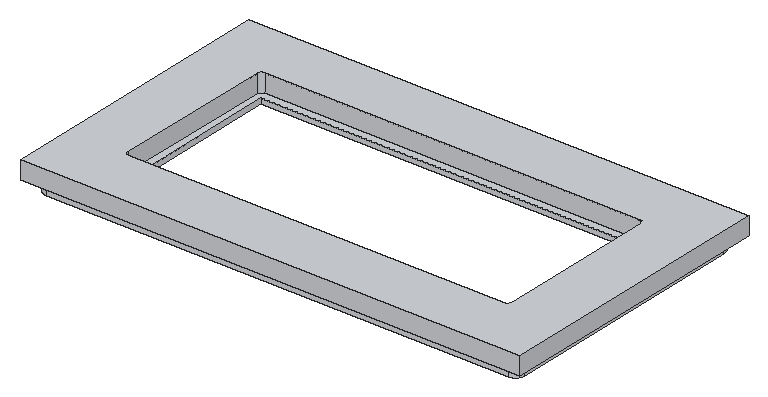
Revit family "Gira_1002221", category Electrical Fixtures, host Face, Revit 2017
Family settings
  Host = Face
  Maintain Annotation Orientation = No
  Round Connector Dimension = Use Diameter
  Part Type = Normal
  Cut with Voids When Loaded = No
  Shared = No
  Room Calculation Point = No
Parameters (values of type "Abdeckrahmen 2f o.M. Gira Esprit Lin.Mpx.Hellbraun")
  Werkstoffgüte = "sonstige"
  Werkstoff = "sonstige"
  URL = "http://katalog.gira.de/de_DE/datenblatt.html?artikelnr=1002221"
  Transparent = "No"
  Textfeld/Beschriftungsfläche = "No"
  Schutzart (IP) = "IP20"
  Region = "DE"
  Oberfläche = "sonstige"
  Name = "Abdeckrahmen 2f o.M. Gira Esprit Lin.Mpx.Hellbraun"
  Montagerichtung = "horizontal und vertikal"
  Mit Montagerahmen = "No"
  Mit Klappdeckel = "No"
  Manufacturer URL = "https://www.gira.de/"
  Keynote = "Espr._Rahmen_2fach o.Mittelsteg"
  HeinzeBIM = "https://bimportal.heinze.de/bim/abdeckrahmen-2f-o-m-gira-esprit-lin-mpx-hellbraun/9618e408c9eed7cd7af066a62adec118dd40c820"
  Halogenfrei = "No"
  HAN = "1002221"
  Geeignet für Unterputz-Installation = "Yes"
  Geeignet für Unterflurkanaldose = "No"
  Geeignet für Geräteeinbaukanal = "No"
  Geeignet für Einbauinstallation = "No"
  GTIN = "4010337016052"
  Farbe = "sonstige"
  Default Elevation = 1219.2 mm
  Data sheet (1) = "https://katalog.gira.de/de_DE/download.html?artikelnr=1002221"
  Category = "Abdeckrahmen"
  Befestigungsart = "Klemmbefestigung"
  Available = "Yes"
  Anzahl der Einheiten vertikal = "2 "
  Anzahl der Einheiten horizontal = "2 "
  Anzahl der Einheiten = "2 "
Reference planes
  plane 1 "Center (Front/Back)": y = 0
  plane 2: z = 0
  plane 3 "Center (Left/Right)": x = 0
Forms (mm)
  Extrusion 1, solid, detail levels fine
    sketch origin (0, 0, 0) x (1, 0, 0) y (0, 1, 0)
      loop
        line (-83, 47.5) -> (-83, -47.5) -> (83, -47.5) -> (83, 47.5) -> (-83, 47.5)
      loop
        arc (-63.75, -26.7) -> (-63.311, -27.761) -> (-62.25, -28.2) r 1.5
        line (-62.25, -28.2) -> (62.25, -28.2)
        arc (62.25, -28.2) -> (63.311, -27.761) -> (63.75, -26.7) r 1.5
        line (63.75, -26.7) -> (63.75, 26.7)
        arc (63.75, 26.7) -> (63.311, 27.761) -> (62.25, 28.2) r 1.5
        line (62.25, 28.2) -> (-62.25, 28.2)
        arc (-62.25, 28.2) -> (-63.311, 27.761) -> (-63.75, 26.7) r 1.5
        line (-63.75, 26.7) -> (-63.75, -26.7)
    from 0 to 6
  Extrusion 2, solid, detail levels fine
    sketch origin (0, 0, 0) x (1, 0, 0) y (0, 1, 0)
      loop
        line (-61.518, -25.7) -> (61.45, -25.7) -> (61.45, 25.7) -> (-61.518, 25.7) -> (-61.518, -25.7)
      loop
        arc (-78.55, -41.3) -> (-78.023, -42.573) -> (-76.75, -43.1) r 1.8
        line (-76.75, -43.1) -> (77.95, -43.1)
        arc (77.95, -43.1) -> (79.223, -42.573) -> (79.75, -41.3) r 1.8
        line (79.75, -41.3) -> (79.75, 41.3)
        arc (79.75, 41.3) -> (79.223, 42.573) -> (77.95, 43.1) r 1.8
        line (77.95, 43.1) -> (-76.75, 43.1)
        arc (-76.75, 43.1) -> (-78.023, 42.573) -> (-78.55, 41.3) r 1.8
        line (-78.55, 41.3) -> (-78.55, -41.3)
    from -1.9 to 0
  Extrusion 3, solid, detail levels fine
    sketch origin (0, 0, 0) x (1, 0, 0) y (0, 1, 0)
      loop
        arc (-76.75, 44.4) -> (-78.871, 43.521) -> (-79.75, 41.4) r 3
        line (-79.75, 41.4) -> (-79.75, -41.4)
        arc (-79.75, -41.4) -> (-78.871, -43.521) -> (-76.75, -44.4) r 3
        line (-76.75, -44.4) -> (76.75, -44.4)
        arc (76.75, -44.4) -> (78.871, -43.521) -> (79.75, -41.4) r 3
        line (79.75, -41.4) -> (79.75, 41.4)
        arc (79.75, 41.4) -> (78.871, 43.521) -> (76.75, 44.4) r 3
        line (76.75, 44.4) -> (-76.75, 44.4)
      loop
        arc (-78.55, -41.4) -> (-78.023, -42.673) -> (-76.75, -43.2) r 1.8
        line (-76.75, -43.2) -> (76.75, -43.2)
        arc (76.75, -43.2) -> (78.023, -42.673) -> (78.55, -41.4) r 1.8
        line (78.55, -41.4) -> (78.55, 41.4)
        arc (78.55, 41.4) -> (78.023, 42.673) -> (76.75, 43.2) r 1.8
        line (76.75, 43.2) -> (-76.75, 43.2)
        arc (-76.75, 43.2) -> (-78.023, 42.673) -> (-78.55, 41.4) r 1.8
        line (-78.55, 41.4) -> (-78.55, -41.4)
    from -3.7 to 0
  Extrusion 4, solid, detail levels medium
    sketch origin (0, 0, 0) x (1, 0, 0) y (0, 1, 0)
      loop
        line (-83, 47.5) -> (-83, -47.5) -> (83, -47.5) -> (83, 47.5) -> (-83, 47.5)
    from 0 to 6
  Extrusion 5, solid, detail levels medium
    sketch origin (0, 0, 0) x (1, 0, 0) y (0, 1, 0)
      loop
        line (-79.75, 44.4) -> (-79.75, -44.4) -> (79.75, -44.4) -> (79.75, 44.4) -> (-79.75, 44.4)
    from -3.7 to 0
  Extrusion 6, solid, detail levels coarse
    sketch origin (0, 0, 0) x (1, 0, 0) y (0, 1, 0)
      loop
        line (-83, 47.5) -> (-83, -47.5) -> (83, -47.5) -> (83, 47.5) -> (-83, 47.5)
    from -3.7 to 6
Dimensions and locks
  aligned and locked: plane 2 to host face
  aligned and locked: level to host face
